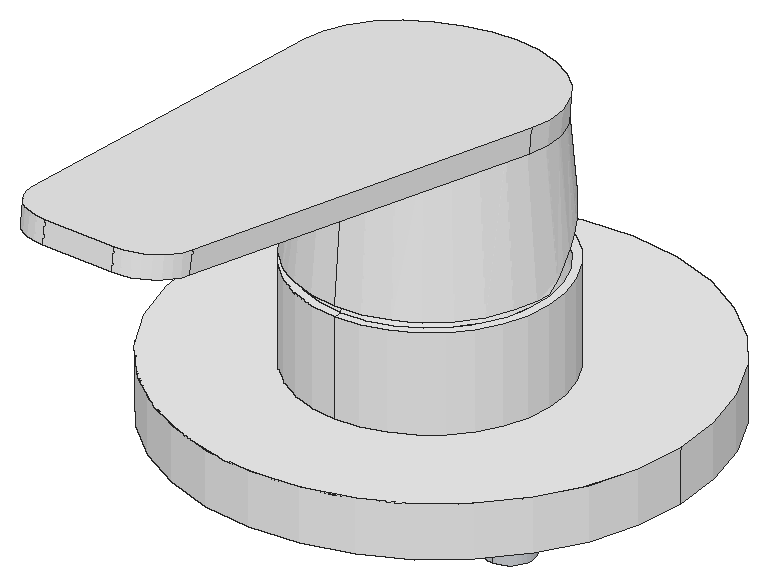
Revit family "Grohe_PlumbingFixture_BauEdge_ShowerMixer_29040001", category Plumbing Fixtures, host Face, Revit 2018
Family settings
  Host = Face
  Round Connector Dimension = Use Diameter
  Part Type = Normal
  OmniClass Number = 23.65.00.00
  OmniClass Title = Supply and Distribution of Liquids and Gases
  Cut with Voids When Loaded = No
  Shared = No
  Room Calculation Point = No
Parameters (values of type "29040001")
  _ObjectUserGuide = "https://www.bimstore.co/products/grohe-bauedge-ohm-set-shw-conc-29040001/document/object-user-guide"
  _DistributedBy = "www.bimstore.co"
  _CurrentRevision = 1
  _CreatedBy = "www.bimstore.co"
  _BimSpecGuid = 0
  _BSBibleVersion = 16
  _AuthorizedBy = "bimstore"
  _Author = "RL"
  WarrantyStartDate [instance] = "Please record on commissioning."
  WarrantyGuarantorParts = "info-uk@grohe.com"
  WarrantyGuarantorLabor = "info-uk@grohe.com"
  WarrantyDurationUnit = "Years"
  WarrantyDurationParts = "0"
  WarrantyDurationLabor = "0"
  WarrantyDescription = "n/a"
  URL = "www.grohe.com"
  TypeName = "BauEdge - OHM set shw. conc"
  Type Comments = "OHM set shw. conc"
  SpareParts = "info-uk@grohe.com"
  Size = "n/a"
  Shape = "n/a"
  SerialNumber [instance] = "Please record on commissioning."
  ReplacementCost = "n/a"
  ReferencedStandard = "n/a"
  ProductionYear = "2020"
  ProductPageURL = "https://www.grohe.co.uk/en_gb/"
  ProductDocumentationLink = "https://www.grohe.co.uk/en_gb/"
  PercentageOfRecycledContent = "n/a"
  NominalLength = 0 mm
  NominalHeight = 0 mm
  NominalDepth = 0 mm
  NBSReference = "45-35-70/335"
  NBSOfficeMasterTag = "n/a"
  NBSObjectName = "Grohe -  Shower mixers"
  NBSNote = ""
  NBSDescription = "Shower mixers"
  ModelReference = "BauEdge - OHM set shw. conc"
  ModelNumber = "29040001"
  Model = "BauEdge"
  Material = "n/a"
  MasterformatTitle = "Sanitary Facilities"
  MasterformatNumber = "01 52 19"
  ManufacturerName = "Grohe"
  Manufacturer = "Grohe"
  LowEmittingMaterial = no
  LEEDCredit = "n/a"
  Keynote = "N13"
  InstallationDate [instance] = "Please record on commissioning."
  IndustryStandards = "n/a"
  IfcExportType = "IfcPipeFittingType"
  IfcExportAs = "IfcPipeFitting"
  HotWaterConnectionDiameter = 10 mm
  HWFU = 4.5
  Grade = "n/a"
  Finish = "n/a"
  Features = "concealed installation, consisting of:, set for final installation, concealed body, GROHE Longlife 46 mm ceramic cartridge, GROHE StarLight chrome finish, adjustable flow rate limiter, escutcheon and shaft sealing, optional temperature limiter ref. no. 46 375"
  FaucetMaterial = Grohe-Chrome
  ExpectedLife = 0
  Ecojoy = no
  DurationUnit = "Years"
  DocumentationTechnical = "https://www.bimstore.co/products/grohe-bauedge-ohm-set-shw-conc-29040001/document/technical-data-sheet"
  DocumentationMaintenance = "https://www.bimstore.co/products/grohe-bauedge-ohm-set-shw-conc-29040001/document/maintenance-information"
  DocumentationLiterature = "https://www.bimstore.co/products/grohe-bauedge-ohm-set-shw-conc-29040001/document/product-literature"
  DocumentationInstallationGuide = "https://www.bimstore.co/products/grohe-bauedge-ohm-set-shw-conc-29040001/document/installation-guide"
  DocumentationCertificates = "https://www.bimstore.co/products/grohe-bauedge-ohm-set-shw-conc-29040001/document/product-certificates"
  Description = "concealed installation, consisting of:, set for final installation, concealed body, GROHE Longlife 46 mm ceramic cartridge, GROHE StarLight chrome finish, adjustable flow rate limiter, escutcheon and shaft sealing, optional temperature limiter ref. no. 46 375"
  Default Elevation = 0 mm
  CreatedOn = "2020-06-01T09:00:00"
  CreatedBy = "info-uk@grohe.com"
  Cost = 0
  ContactGrohe = "info-uk@grohe.com"
  Constituents = "n/a"
  Color = "Chrome"
  ColdWaterConnectionDiameter = 10 mm
  CodePerformance = "n/a"
  ClassificationValue = "Pr_40_20_87_78"
  ClassificationName = "Uniclass 2015"
  CWFU = 4.5
  BarCode [instance] = "Please record on commissioning."
  BIMObjectName = "Grohe_PlumbingFixture_BauEdge_ShowerMixer_29040001"
  AssetType = "Fixed"
  AssetIdentifier [instance] = "Please record on commissioning."
  Assembly Code = "D2010"
  AccessibilityPerformance = "n/a"
  ADACompliant = no
Reference planes
  plane 1 "Center (Front/Back)": y = 0
  plane 2: z = 0
  plane 3 "Center (Left/Right)": x = 0
Forms (mm)
  Sweep 1, solid
    path in 3D
      loop
        line (15, 0, 0) -> (15, 0, -22.649)
    profile origin (15, 0, -11.324) x (0, -1, 0) y (1, 0, 0)
      loop
        circle (0, 0) r 4.75
  Sweep 2, solid
    path in 3D
      loop
        line (-15, 0, 0) -> (-15, 0, -22.649)
    profile origin (-15, 0, -11.324) x (0, -1, 0) y (1, 0, 0)
      loop
        circle (0, 0) r 4.75
  Revolve 3, solid, material "Grohe-Chrome" <- "FaucetMaterial"
    sketch origin (0, -3.078, 0) x (0, 1, 0) y (0, 0, 1)
      loop
        line (26.108, 10) -> (26.108, 31.003) -> (24.269, 31.003)
        arc (24.269, 31.003) -> (15.411, 44.688) -> (0, 50.003) r 25
        line (0, 50.003) -> (0, 10) -> (26.108, 10)
      axis (0, 50.003) -> (0, 10)
    angle from 0 to 360
  Extrusion 4, void
    sketch origin (0, -3.078, 0) x (0, 1, 0) y (0, 0, 1)
      loop
        line (26, 63.01) -> (26, 82.581) -> (-133.397, 82.581) -> (26, 63.01)
      loop
        line (0, 33.01) -> (26, 33.01) -> (26, 49.256) -> (0, 33.01)
    from -30 to 30
  Revolve 5, solid, material "Grohe-Chrome" <- "FaucetMaterial"
    sketch origin (0, -3.078, 0) x (0, 1, 0) y (0, 0, 1)
      loop
        line (-26, 33.01) -> (0, 33.01) -> (0, 71.177) -> (-22.661, 71.177) -> (-26, 33.01)
      axis (0, 33.01) -> (0, 71.177)
    angle from 0 to 360
  Extrusion 6, solid, material "Grohe-Chrome" <- "FaucetMaterial"
    sketch origin (0, 0, 0) x (1, 0, 0) y (0, 1, 0)
      loop
        circle (0, 0) r 52.5
    from 0 to 11
  Extrusion 7, solid, material "Grohe-Chrome" <- "FaucetMaterial"
    sketch origin (12.623, -2.536, 66.136) x (-0.052336, -0.991186, 0.121702) y (0.99863, -0.051946, 0.006378)
      loop
        line (5.715, -37.28) -> (89.512, -25.503)
        arc (89.512, -25.503) -> (95.837, -21.961) -> (98.107, -15.077) r 10
        line (98.107, -15.077) -> (97.315, 0.038)
        arc (97.315, 0.038) -> (94.337, 6.647) -> (87.677, 9.508) r 10
        line (87.677, 9.508) -> (3.108, 12.462)
        arc (3.108, 12.462) -> (-22.731, -13.832) -> (5.715, -37.28) r 25
    from -4.694 to 0
Cuts and joins
  Extrusion 4 cuts Revolve 5
  Extrusion 4 cuts Extrusion 7
  joined: Revolve 5, Extrusion 7
  joined: Revolve 3, Extrusion 6
Lines and regions (mm)
  sketch lines
    curve 1: line (15, 0, 0) -> (15, 0, -22.649)
    curve 2: line (-15, 0, 0) -> (-15, 0, -22.649)
Dimensions and locks
  aligned and locked: plane 2 to host face
  aligned and locked: level to host face
Connectors
  piping at (-15, 0, -22.649), diameter 10, driven by "HWFU"
    settings: on Sweep 2, index 21, connector inside diameter 609.6 mm, connector length 0 mm, flow factor 0, pipe flow 0.0 L/s, pressure drop 0.0 Pa, fitting loss kfactor 0, connector angle 0.00°, fixture units 4.5, engagement length 0 mm, angle of deflection 0.00°, flow configuration 3, flow direction 1, fitting loss method 4, system type 19, joint type 0, gender type 0, connector reference index -1, connector utility 0, adjustable connector no, is connector primary yes, connector description ""
  piping at (15, 0, -22.649), diameter 10, driven by "CWFU"
    settings: on Sweep 1, index 22, connector inside diameter 609.6 mm, connector length 0 mm, flow factor 0, pipe flow 0.0 L/s, pressure drop 0.0 Pa, fitting loss kfactor 0, connector angle 0.00°, fixture units 4.5, engagement length 0 mm, angle of deflection 0.00°, flow configuration 3, flow direction 1, fitting loss method 4, system type 20, joint type 0, gender type 0, connector reference index -1, connector utility 0, adjustable connector no, is connector primary no, connector description ""
